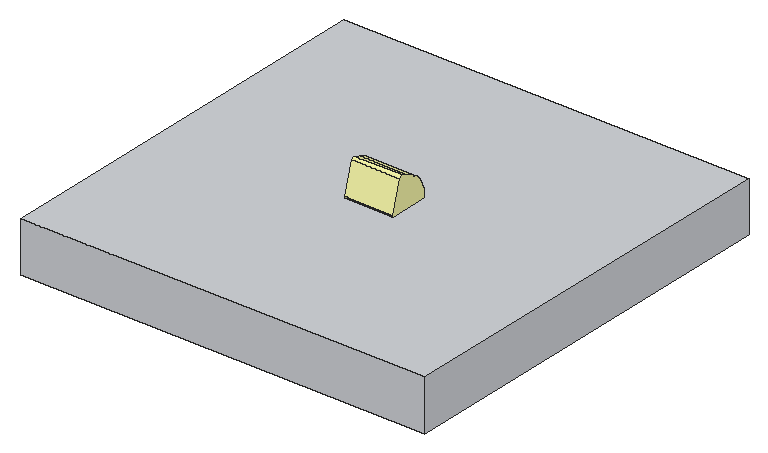
Revit family "EP_Hand Dryer Outlet", category Electrical Fixtures, host Face, Revit 2013
Parameters
  Voltage = 230 V
  Socket = Socket
  Load Classification [instance] = Dryer
  Load = 500 W
  Glass = Glass Red
  Default Elevation = 1200 mm
Reference planes
  plane 1 "Center (Front/Back)": y = 0
  plane 2: z = 0
  plane 3 "Center (Left/Right)": x = 0
  plane 4 "Lf": x = -145
  plane 5 "Rt": x = 145
  plane 6: y = 120
  plane 7: y = -120
  plane 8 "Switch": z = 200
Forms (mm)
  Extrusion 1, solid
    sketch origin (0, 0, 0) x (1, 0, 0) y (0, 1, 0)
      loop
        line (-1219.2, 1219.2) -> (-1219.2, -1219.2) -> (1219.2, -1219.2) -> (1219.2, 1219.2) -> (-1219.2, 1219.2)
    from 0 to -304.8
  Extrusion 2, solid, material "Face Plate"
    sketch origin (145, 0, 0) x (0, 1, 0) y (0, 0, 1)
      loop
        arc (120, 15.548) -> (86.578, 118.41) -> (-0.922, 181.983) r 175
        line (-0.922, 181.983) -> (-42.107, 195.365)
        arc (-42.107, 195.365) -> (-53.553, 194.464) -> (-61.009, 185.734) r 15
        line (-61.009, 185.734) -> (-117.433, 12.079)
        arc (-117.433, 12.079) -> (-115.422, 3.707) -> (-107.651, 0) r 10
        line (-107.651, 0) -> (120, 0) -> (120, 15.548)
    from 0 to -290
Dimensions and locks
  plane 4 "Lf" to plane 3 "Center (Left/Right)" to plane 5 "Rt" = 145 mm, 145 mm
  aligned and locked: plane 2 to Extrusion 1
  aligned and locked: level to Extrusion 1
Nested families
  nested 1: "EP_HD" at (0, 0, 0), type "EP_HD"
Connectors
  electrical at (145, -12.732, 84.387), driven by "Load Classification"
    settings: on Extrusion 2, index 1, voltage 230 V, apparent load 0 W, apparent load phase1 500 W, apparent load phase2 0 W, apparent load phase3 0 W, power factor 1, load classification "Dryer", number of poles 1, system type 31, power factor state 1, is connector primary yes, connector utility no, sub classification motor no, connector description ""
Definition of nested family "EP_HD"
  Reference planes
    plane 1: y = 0
    plane 2: x = 0
  Lines and regions (mm)
    detail lines, style "Power Symbols"
      curve 1: line (-1.9, 0, 0) -> (1.9, 0, 0)
      curve 2: line (-1.9, 2.25, 0) -> (-1.9, 0, 0)
      curve 3: line (1.9, 2.25, 0) -> (-1.9, 2.25, 0)
      curve 4: line (1.9, 0, 0) -> (1.9, 2.25, 0)
  Text (mm)
    text "HD" at (-0.003, 2.26, 0)
